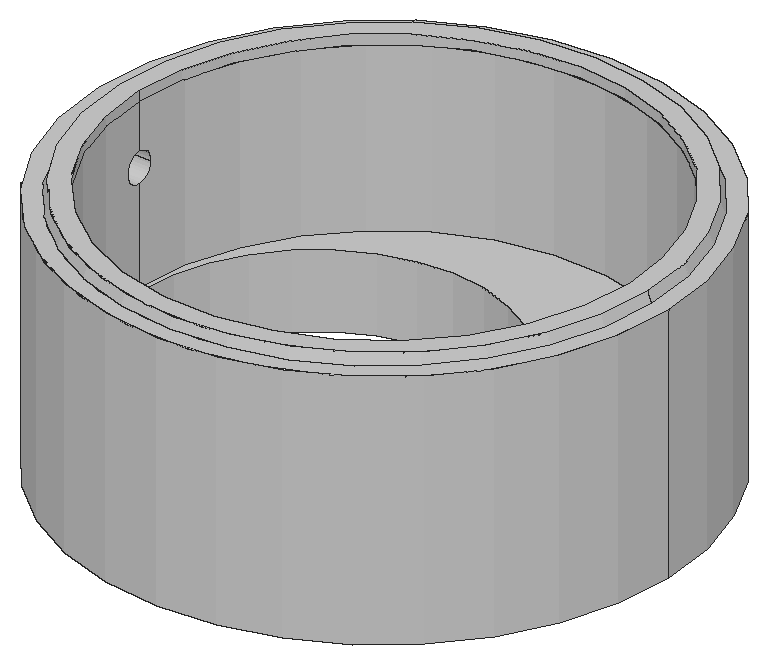
Revit family "KSPF.V 10.5 fin", category Фундамент несущей конструкции, Revit 2025
Family settings
  Материал для поведения модели = Прочее
  Заглушка = Нет
  Номер OmniClass = 23.25.05.00
  Заголовок OmniClass = Foundations
  На основе рабочей плоскости = Нет
  Всегда вертикально = Да
  При загрузке вырезать с полостями = Нет
  Общий = Нет
  Показывать семейство разрезанным на планах = Да
Parameters
  Петля = Петля_П1_П2 : П2
Reference planes
  plane 1 "По центру (Вперед/Назад)": y = -35
  plane 2: z = 0
  plane 3 "По центру (Влево/Вправо)": x = 0
  plane 4: z = 510
  plane 5: z = 490
  plane 6: z = 480
  plane 7: x = -500
  plane 8: x = 500
  plane 9: x = -580
  plane 10: x = 500
  plane 11: x = 580
  plane 12: z = 20
  plane 13: x = -545.345
  plane 14: z = 370
  plane 15: x = 570
  plane 16: x = -570
  plane 17: z = 150
  plane 18: x = -490
  plane 19: x = 210
  plane 20: x = -140
  plane 21: through (-538.266, -4572, 509.268) normal (-0.9397, 0, 0.342)
  plane 22: x = 545.345
  plane 23: through (538.266, -4572, 509.268) normal (-0.9397, 0, -0.342)
  plane 24: x = -538
Forms (mm)
  Extrusion 1, solid, material "Бетон В15"
    sketch origin (0, 0, 0) x (1, 0, 0) y (0, 1, 0)
      loop
        circle (0, -35) r 580
      loop
        circle (0, -35) r 500
    from 0 to 490
  Extrusion 2, void
    sketch origin (0, 0, -20) x (0, 1, 0) y (0, 0, 1)
      loop
        circle (-35, 390) r 30
    from -570 to 570
  Extrusion 3, solid, material "Бетон В15"
    sketch origin (0, 0, 0) x (1, 0, 0) y (0, 1, 0)
      loop
        circle (0, -35) r 500
    from 0 to 150
  Extrusion 4, void
    sketch origin (0, 0, 0) x (1, 0, 0) y (0, 1, 0)
      loop
        circle (-140, -35) r 350
    from 0 to 150
  Blend 5, solid, material "Бетон В15"
    base sketch origin (0, 0, 0) x (1, 0, 0) y (0, 1, 0)
      loop
        circle (0, -35) r 545.345
    top sketch origin (0, 0, 0) x (1, 0, 0) y (0, 1, 0)
      loop
        circle (0, -35) r 538
    from 490 to 510
  Extrusion 6, void
    sketch origin (0, 0, 0) x (1, 0, 0) y (0, 1, 0)
      loop
        circle (0, -35) r 500
    from 490 to 510
Cuts and joins
  Extrusion 2, Extrusion 6 cuts Extrusion 1
  Extrusion 4, Extrusion 6 cuts Extrusion 3
  Extrusion 6 cuts Blend 5
  joined: Extrusion 1, Extrusion 3, Blend 5
Dimensions and locks
  plane 4 to level = 510 mm
  cut or joined group of Extrusion 1, Extrusion 2, Extrusion 3, Extrusion 4, Blend 5, Extrusion 6 to plane 14 = 370 mm
  plane 14 to level = 370 mm
  aligned and locked: plane 2 to level
